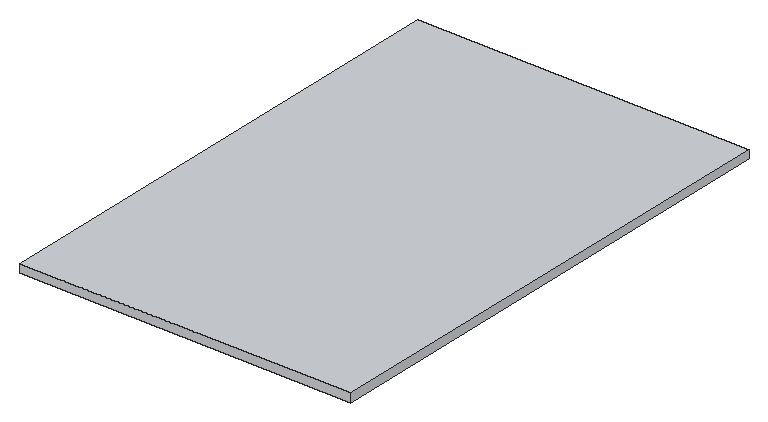
Revit family "Tiles Base", category Generic Models, host Face, Revit 2027
Family settings
  Host = Face
  Can host rebar = No
  Round Connector Dimension = Use Diameter
  Part Type = Normal
  Cut with Voids When Loaded = No
  Maintain Annotation Orientation = No
  Shared = No
  Room Calculation Point = No
Parameters
  Width = 400 mm
  Thickness = 10 mm
  Mat = none
  Lenght = 600 mm
  Default Elevation = 1219.2 mm
  Cut Top [instance] = 0 mm
  Cut Lat [instance] = 0 mm
  Cut [instance] = no
Reference planes
  plane 1 "Center (Front/Back)": y = 0
  plane 2: z = 0
  plane 3 "Center (Left/Right)": x = 0
  plane 4: y = 600
  plane 5: x = 400
  plane 6: z = 10
  plane 7: y = 601
  plane 8: x = 404.28
  plane 9: x = 400
  plane 10: y = 600
Forms (mm)
  Extrusion 1, solid, material <- "Mat"
    sketch origin (0, 0, 0) x (1, 0, 0) y (0, 1, 0)
      loop
        line (0, 600) -> (0, 0) -> (400, 0) -> (400, 600) -> (0, 600)
    from 0 to 10
  Extrusion 2, void
    sketch origin (0, 0, 0) x (1, 0, 0) y (0, 1, 0)
      loop
        line (400, 600) -> (400, 0) -> (404.28, 0) -> (404.28, 601) -> (0, 601) -> (0, 600) -> (400, 600)
    from 0 to 10
Cuts and joins
  Extrusion 2 cuts Extrusion 1
Dimensions and locks
  "Width": plane 3 "Center (Left/Right)" to plane 5
  "Lenght": plane 4 to plane 1 "Center (Front/Back)"
  "Thickness": plane 6 to plane 2
  plane 7 to plane 4 = 1 mm
  "Cut Top": plane 4 to plane 10
  "Cut Lat": plane 9 to plane 5
  aligned and locked: plane 2 to host face
  aligned and locked: level to host face
  aligned and locked: Extrusion 1 sketch curve to plane 4
  aligned and locked: plane 3 "Center (Left/Right)" to Extrusion 1 sketch curve
  aligned and locked: Extrusion 1 sketch curve to plane 1 "Center (Front/Back)"
  aligned and locked: Extrusion 1 sketch curve to plane 5
  aligned and locked: Extrusion 1 to plane 2
  aligned and locked: plane 6 to Extrusion 1
  aligned and locked: Extrusion 2 sketch curve to plane 10
  aligned and locked: Extrusion 2 sketch curve to plane 9
  aligned and locked: Extrusion 2 sketch curve to plane 7
  aligned and locked: Extrusion 2 sketch curve to plane 8
  aligned and locked: Extrusion 2 sketch curve to plane 3 "Center (Left/Right)"
  aligned and locked: Extrusion 2 sketch curve to plane 1 "Center (Front/Back)"
  aligned and locked: Extrusion 2 to plane 2
  aligned and locked: plane 6 to Extrusion 2
Automatic sketch dimensions
  host sketch curve to host sketch curve = 2438.4 mm  (x2)
